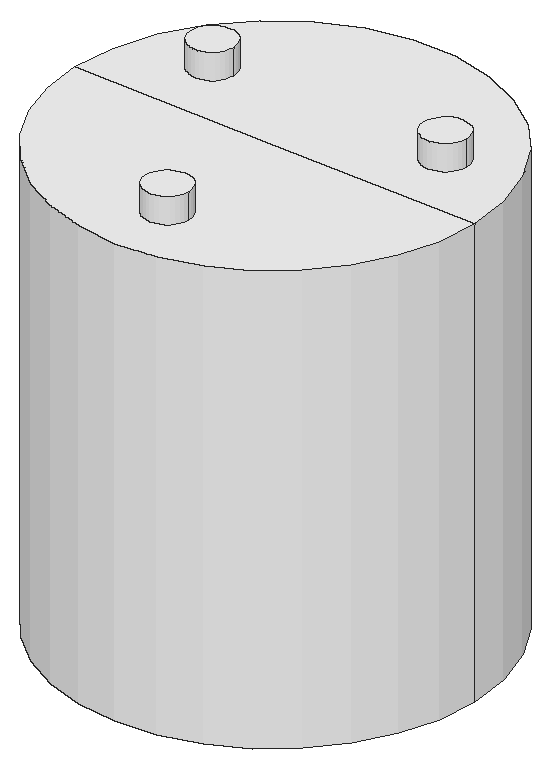
Revit family "Rax 200 surface", category Lighting Fixtures, host Ceiling, Revit 2014
Parameters (values of type "Rax 200 Surface")
  Wattage = 29 W
  WarrantyGuarantorParts = "n/a"
  WarrantyDurationParts = "n/a"
  WarrantyDescription = "n/a"
  built-in parameter 1150110 = 1 (stored number, unit not read)
  Version = "v.1.0"
  Uniclass2 = "Pr_70_70_49_43 Light-Emitting Diode (LED) Luminaires"
  Uniclass 1.4 = "JY73"
  URL = "http://riegens.co.uk/rax-200-surface"
  TotalWattage = "Max. 17W / 23W / 31W"
  built-in parameter 1114217 = 1 (stored number, unit not read)
  Tilt Angle = 90.00°
  built-in parameter 1150109 = 1 (stored number, unit not read)
  built-in parameter 1150134 = 12
  TagNumber = "n/a"
  SustainabilityPerformance = "n/a"
  built-in parameter 1150113 = 1 (stored number, unit not read)
  SupplyCircuitConductorConnections = "n/a"
  Size = "Ø223 mm"
  Shape = "Circle"
  ProductInformation = "http://riegens.co.uk/rax-200-surface"
  PhotometricPerformance = "In accordance with BS EN 13032-1"
  Photometric Web File = "RaX Surface 200 29W LED 4000K Ra80 Refl. Satinmatt.ies"
  PhaseReference = "IEC recommendations"
  Optics = Riegens_Satin-matt
  Optic = "Plain, white or satin-matt reflector"
  NominalVoltage = "220-240V"
  ModelReference = "Rax 200 Surface"
  Model = "Rax 200 Surface"
  Material = "Aluminium"
  ManufacturersSpecificInformation = "n/a"
  ManufacturerURL = "www.riegens.com"
  Manufacturer = "Riegens A/S"
  built-in parameter 1150105 = 226.16 (stored number, unit not read)
  Lumens = 2842 lm
  LuminaireType = "Recessed Direct, Narrow beam, Asymmetric LED Luminaire"
  LuminairePowerFactor = ">0,9"
  built-in parameter 1150115 = 1 (stored number, unit not read)
  LightSource = "LED 3000K / 4000K"
  LightFixturePlacingType = "Ceiling"
  LightFixtureMountingType = "Surface"
  built-in parameter 1150137 = (empty or 0)
  built-in parameter 1150139 = (empty or 0)
  LampType = "LED"
  LampRating = "15W / 21W / 29W"
  LampColourRenderingIndex = "Ra>80 / Ra>90"
  built-in parameter 1150112 = 1 (stored number, unit not read)
  built-in parameter 1150114 = 1 (stored number, unit not read)
  InternalFuse = "Only required in emergency versions"
  InsulationStandardClass = "Class 1"
  built-in parameter 1150132 = (empty or 0)
  built-in parameter 1150102 = (empty or 0)
  built-in parameter 1150107 = 4000 (stored number, unit not read)
  built-in parameter 1150138 = (empty or 0)
  built-in parameter 1150106 = 2.2616 (stored number, unit not read)
  IfcExportType = "NOTDEFINED'"
  IfcExportAs = "IfcLightFixtureType'"
  IP_Code = "IP20"
  Height 2 = 253 mm
  Height 1 = 237 mm
  HasProtectiveEarth = "TRUE"
  Grade = "n/a"
  Frame = Riegens_Aluminium_Powder coated white gloss 25
  Finish = "Powder coated"
  Features = "n/a"
  built-in parameter 1150104 = 9.1045 (stored number, unit not read)
  Documentation = "See URL hyperlink"
  DocumentReference = "See URL hyperlink"
  Dimming Lamp Color Temperature Shift = <None>
  Diameter 1 = 223 mm
  Description = "70-80-35 General Lighting Systems"
  ControlGearPosition = "Integrated "
  Constituents = "n/a"
  Colour = "White"
  Color Filter = 16777215
  CodePerformance = "n/a"
  CCSTopnode = "L"
  CCSClassName = "Belysningsarmatur"
  CCSClassCode = "UAC"
  BarCode = "n/a"
  BallastsCELMAEnergyEfficiencyIndex = "Class A1/A2"
  built-in parameter 1114218 = 1 (stored number, unit not read)
  BSAB 96 = "SNB.2"
  BIMObjectName = "Rax 200 Surface.rfa"
  Author = "3dbyggeri"
  built-in parameter 1150133 = 10 (stored number, unit not read)
  AssetType = "Moveable/Fixed"
  AssetIdentifier = "n/a"
  ArticleNumber = "See URL hyperlink"
  Apparent Load = 240 VA
  AccessibilityPerformance = "n/a"
Reference planes
  plane 1 "Light Source Axis (F/B)": y = 0
  plane 2: z = -7
  plane 3 "Light Source Axis (L/R)": x = 0
  plane 4 "Ceiling": z = 16
  plane 5 "Light Source Elevation": z = 0
  plane 6: z = 0
  plane 7: z = 16
  plane 8: z = -4.875
Forms (mm)
  Revolve 1, solid, material "Riegens_Aluminium_Powder coated white gloss 25" <- "Frame"
    sketch origin (0, 0, 0) x (1, 0, 0) y (0, 0, 1)
      loop
        line (0, 2) -> (-111.5, 2) -> (-111.5, -237) -> (-86.167, -237) -> (-86.167, -224.993) -> (-30.023, -138.538) -> (0, -138.538) -> (0, 2)
      axis (0, 2) -> (0, -237)
    angle from 0 to 360
  Extrusion 2, solid, material "Riegens_Aluminum_powder coated white gloss 25"
    sketch origin (0, 0, 16) x (1, 0, 0) y (0, 1, 0)
      loop
        circle (0, -75.005) r 12
      loop
        circle (-64.874, 37.509) r 12
      loop
        circle (64.995, 37.481) r 12
    from 0 to -14
  Revolve 3, solid, material "Air Infiltration Barrier"
    sketch origin (0, 0, 0) x (1, 0, 0) y (0, 0, 1)
      loop
        line (-85.026, -225.039) -> (-29.501, -139.538) -> (0, -139.538) -> (0, -138.538) -> (-30, -138.538) -> (-86.174, -225.039) -> (-85.026, -225.039)
      axis (0, -138.538) -> (0, -225.039)
    angle from 0 to 360
Dimensions and locks
  host sketch curve to plane 3 "Light Source Axis (L/R)" to host sketch curve = 1978.719 mm, 2021.281 mm
  equal spacing: host sketch curve, plane 1 "Light Source Axis (F/B)", host sketch curve
  host sketch curve to host sketch curve = 4000 mm  (x2)
  plane 4 "Ceiling" to host ceiling = 0 mm
  plane 5 "Light Source Elevation" to level = 16 mm
  aligned and locked: plane 4 "Ceiling" to level
  aligned and locked: level to host ceiling
